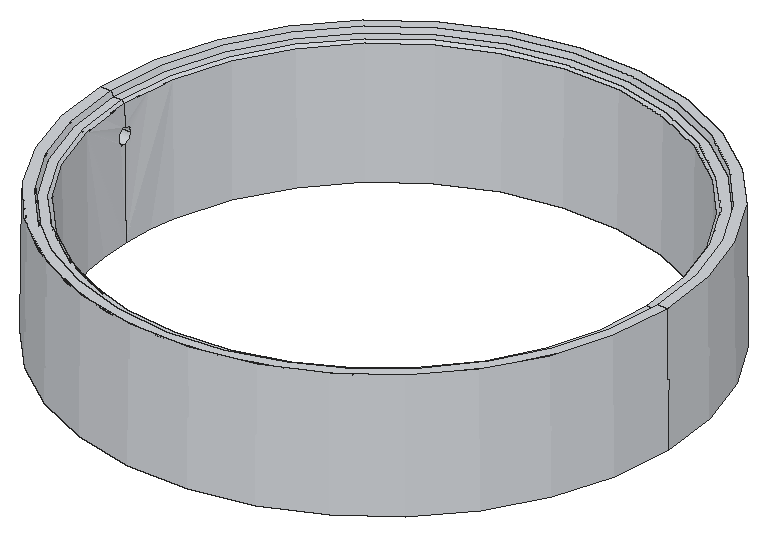
Revit family "Кольцо 2000х510 с замком КС 20.5", category Обобщенные модели, Revit 2023
Family settings
  Может служить основой для арматурных стержней = Нет
  Размер круглого соединителя = Использовать диаметр
  Тип детали = Нормальный
  На основе рабочей плоскости = Нет
  Всегда вертикально = Да
  При загрузке вырезать с полостями = Нет
  Сохранять ориентацию аннотаций = Нет
  Общий = Нет
  Точка принадлежности помещению = Нет
Parameters (values of type "Кольцо 2000х510 с замком КС 20.5")
  фаска = 10 mm
  толщ_на_h2_расч = (t1 - t2) / 2 * (h1 + h2) / ADSK_Размер_Высота + 10 mm  # 16.618 mm
  толщ_на_h1_расч = (t1 - t2) / 2 * h1 / ADSK_Размер_Высота + 10 mm  # 13.627 mm
  сужение_низ = 5 mm
  отступ_низ = 36 mm
  отступ_верх = 38.5 mm
  выступ = 20 mm
  вырез2 = no
  вырез1 = yes
  Отметка по умолчанию = 0 mm
  t2 = 90 mm
  t1 = 100 mm
  h2 = 305 mm
  h1 = 370 mm
  d1 = 20 mm * tan(20.00°)  # 7.279 mm
  ADSK_Размер_Диаметр = 2020 mm
  ADSK_Размер_Высота = 510 mm
  ADSK_Масса = 775
Reference planes
  plane 1 "По центру (Вперед/Назад)": y = 0
  plane 2: z = 0
  plane 3 "По центру (Влево/Вправо)": x = 0
  plane 4: x = 1010
  plane 5: x = -1010
  plane 6: y = 1010
  plane 7: y = -1010
  plane 8: z = 490
  plane 9: z = 510
  plane 10: z = 20
  plane 11: x = -1105
  plane 12: x = 1105
  plane 13: y = 1105
  plane 14: y = -1105
  plane 15: y = 1100
  plane 16: y = -1100
  plane 17: x = -1100
  plane 18: x = 1100
  plane 19: x = 1046
  plane 20: x = 1061.5
  plane 21: x = 1054.221
  plane 22: x = 1053.279
  plane 23: z = 480
  plane 24: x = 1020
  plane 25: z = 370
  plane 26: z = 675
  plane 27: y = 1005
  plane 28: y = -1005
  plane 29: x = -1005
  plane 30: x = 1005
  plane 31: x = -1088.382
  plane 32: x = -1091.373
  plane 33: x = 1088.382
  plane 34: x = 1091.373
Forms (mm)
  Revolve 1, solid
    sketch origin (0, 0, 0) x (1, 0, 0) y (0, 0, 1)
      loop
        line (1010, 480) -> (1005, 0) -> (1046, 0) -> (1053.279, 20) -> (1105, 20) -> (1100, 510) -> (1061.5, 510) -> (1054.221, 490) -> (1020, 490) -> (1010, 480)
      axis (0, 0) -> (0, 510)
    angle from 0 to 360
  Extrusion 2, void
    sketch origin (0, 0, 0) x (0, -1, 0) y (0, 0, 1)
      loop
        circle (0, 370) r 30
    from -1091.373 to 1091.373
Cuts and joins
  Extrusion 2 cuts Revolve 1
Dimensions and locks
  equal spacing: plane 5, plane 3 "По центру (Влево/Вправо)", plane 4
  equal spacing: plane 7, plane 1 "По центру (Вперед/Назад)", plane 6
  "ADSK_Размер_Диаметр": plane 5 to plane 4
  "ADSK_Размер_Диаметр": plane 7 to plane 6
  "выступ": plane 9 to plane 8
  "выступ": plane 10 to level
  "t1": plane 11 to plane 29
  "t1": plane 30 to plane 12
  "t2": plane 6 to plane 15
  "t2": plane 16 to plane 7
  "t2": plane 17 to plane 5
  "t2": plane 4 to plane 18
  "отступ_низ": plane 19 to plane 4
  "отступ_верх": plane 18 to plane 20
  "d1": plane 20 to plane 21
  "d1": plane 22 to plane 19
  "фаска": plane 8 to plane 23
  "фаска": plane 24 to plane 4
  "h1": plane 25 to level
  "h2": plane 26 to plane 25
  "ADSK_Размер_Высота": plane 9 to level
  "сужение_низ": plane 5 to plane 29
  "сужение_низ": plane 30 to plane 4
  "сужение_низ": plane 27 to plane 6
  "сужение_низ": plane 7 to plane 28
  "t1": plane 14 to plane 28
  "t1": plane 27 to plane 13
  "толщ_на_h2_расч": plane 31 to plane 11
  "толщ_на_h1_расч": plane 32 to plane 11
  "толщ_на_h2_расч": plane 12 to plane 33
  "толщ_на_h1_расч": plane 12 to plane 34
  aligned and locked: level to plane 2
  aligned and locked: Revolve 1 sketch curve to plane 8
  aligned and locked: Revolve 1 sketch curve to plane 9
  aligned and locked: plane 10 to Revolve 1 sketch curve
  aligned and locked: Revolve 1 sketch curve to level
  aligned and locked: Extrusion 2 to plane 32
  aligned and locked: plane 34 to Extrusion 2
Automatic sketch dimensions
  Revolve 1 sketch curve to level = 0 mm
  Revolve 1 sketch curve to plane 3 "По центру (Влево/Вправо)" = 0 mm
  Revolve 1 sketch curve to plane 30 = 0 mm
  Revolve 1 sketch curve to plane 4 = 0 mm
  Revolve 1 sketch curve to plane 24 = 0 mm
  Revolve 1 sketch curve to plane 19 = 0 mm
  Revolve 1 sketch curve to plane 22 = 0 mm
  Revolve 1 sketch curve to plane 21 = 0 mm
  Revolve 1 sketch curve to plane 20 = 0 mm
  Revolve 1 sketch curve to plane 18 = 0 mm
  Revolve 1 sketch curve to plane 12 = 0 mm
  Revolve 1 sketch curve to plane 23 = 0 mm
  Revolve 1 sketch curve to plane 9 = 0 mm
  Extrusion 2 sketch curve to plane 1 "По центру (Вперед/Назад)" = 0 mm
  Extrusion 2 sketch curve to plane 25 = 0 mm
  radius of Extrusion 2 sketch curve = 30 mm
